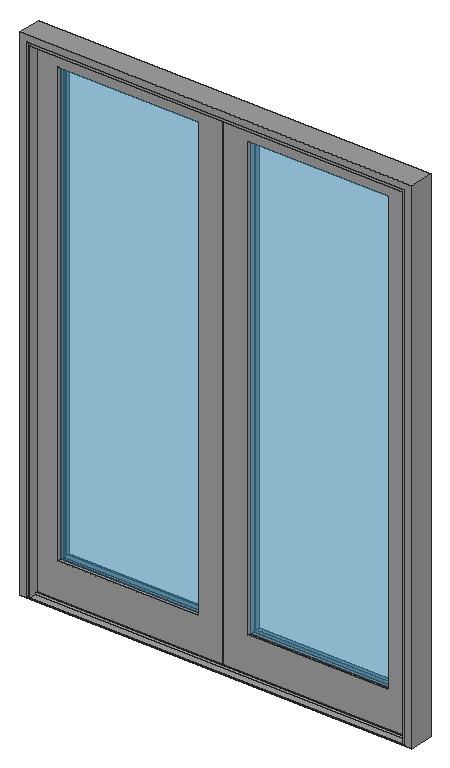
Revit family "AD-375 DOOR-Double-1.56-PD-CW_v05", category Curtain Panels, Revit 2015
Parameters
  Width [instance] = 6' - 2"
  URL = "obe.com"
  Rough Width [instance] = 6' - 2"
  Panel Width [instance] = Min Panel Width  # 6' - 0"
  Panel Offset [instance] = 0' - 0"
  Offset [instance] = 0' - 6"
  Model = "AD-375 DOOR"
  Min Rough Width [instance] = if(Rough Width > 6' 2 1/2", Rough Width, 6' 2 1/2")  # 6' - 2 1/2"
  Min Panel Width [instance] = if(Rough Width > 6' 2 1/2", Rough Width - 0' 2 1/2", 6' 0")  # 6' - 0"
  Manufacturer = "Oldcastle BuildingEnvelope®"
  Keynote = "08 11 00"
  Height [instance] = 8' - 0"
  Glass Material = Glass
  Frame Material = Aluminum
  Door Panel Height [instance] = Height - 0' 0 21/32"  # 7' - 11 11/32"
  Description = "AD-375 - 1-9/16\" Door Infill"
  Assembly Code = "B2030"
  Analytic Construction = "<None>"
  6 Bottom Rail [instance] = yes
  10 Bottom Rail [instance] = not([6 Bottom Rail])  # no
Reference planes (in)
  plane 1 "Front": y = 0
  plane 2: z = 0
  plane 3 "Center (Left/Right)": x = 0
  plane 4 "Left": x = -37
  plane 5 "Right": x = 37
  plane 6 "Top": z = 96
  plane 7 "Offset": y = -6
  plane 8: x = -37.25
  plane 9: x = 37.25
Forms (in)
  Sweep 1, solid, material "Aluminum" <- "Frame Material"
    path origin (0, -6, 0) x (-1, 0, 0) y (0, 0, 1)
      loop
        line (-37.25, 96) -> (-37.25, 0)
    profile origin (37.25, -6, 48) x (0, 1, 0) y (-1, 0, 0)
      loop
        line (0, 0) -> (0, 1.25) -> (-2.7624, 1.25) -> (-2.7624, 1.812) -> (-4.3574, 1.812) -> (-4.3574, 1.25) -> (-4.50055, 1.25) -> (-4.50055, 0) -> (0, 0)
  Sweep 2, solid, material "Aluminum" <- "Frame Material"
    path origin (0, -6, 0) x (-1, 0, 0) y (0, 0, 1)
      loop
        line (37.25, 96) -> (37.25, 0)
    profile origin (-37.25, -6, 48) x (0, 1, 0) y (-1, 0, 0)
      loop
        line (0, 0) -> (-4.50055, 0) -> (-4.50055, -1.25) -> (-4.3574, -1.25) -> (-4.3574, -1.812) -> (-2.7624, -1.812) -> (-2.7624, -1.25) -> (0, -1.25) -> (0, 0)
  Sweep 3, solid, material "Aluminum" <- "Frame Material"
    path origin (0, -6, 0) x (-1, 0, 0) y (0, 0, 1)
      loop
        line (37.25, 96) -> (-37.25, 96)
    profile origin (0, -6, 96) x (0, 0, -1) y (0, 1, 0)
      loop
        line (1.25, 0) -> (0, 0) -> (0, -4.50055) -> (1.25, -4.50055) -> (1.25, -4.3574) -> (1.812, -4.3574) -> (1.812, -2.7624) -> (1.25, -2.7624) -> (1.25, 0)
Cuts and joins
  joined: Sweep 1, Sweep 2, Sweep 3
Text (in)
  text "Exterior" at (-54.29358, 31.38743, 0), in view "Ref. Level"
  text "Exterior" at (480, 41.53993, 89.60405), in view "Right"
  text "Exterior" at (-240, 57.82419, 105.78864), in view "Left"
Dimensions and locks (in)
  equal spacing: plane 4 "Left", plane 3 "Center (Left/Right)", plane 5 "Right"
  "Width": plane 4 "Left" to plane 5 "Right"
  "Height": plane 6 "Top" to plane 2
  "Offset": plane 7 "Offset" to plane 1 "Front"
  locked: plane 7 "Offset" to nested 2 at 1.4437
  locked: plane 9 to nested 2 at 1.25
  locked: plane 7 "Offset" to nested 3 at 1.4437
  locked: nested 3 to plane 8 at 1.25
  locked: nested 4 to plane 6 "Top" at 1.25
  locked: plane 7 "Offset" to nested 4 at 1.4437
  equal spacing: plane 8, plane 3 "Center (Left/Right)", plane 9
  "Min Rough Width": plane 8 to plane 9
  locked: nested 1 to plane 7 "Offset" at 1.4437
  aligned and locked: level to plane 2
  aligned and locked: plane 3 "Center (Left/Right)" to nested 1
  aligned and locked: plane 2 to Sweep 1 sketch curve
  aligned and locked: plane 6 "Top" to Sweep 1 sketch curve
  aligned and locked: plane 2 to Sweep 2 sketch curve
  aligned and locked: plane 6 "Top" to Sweep 2 sketch curve
  aligned and locked: plane 6 "Top" to Sweep 3 sketch curve
  aligned and locked: plane 8 to Sweep 2 sketch curve
  aligned and locked: Sweep 1 sketch curve to plane 9
  aligned and locked: plane 9 to Sweep 3 sketch curve
  aligned and locked: plane 8 to Sweep 3 sketch curve
Automatic sketch dimensions
  Sweep 2 sketch curve to Sweep 2 sketch curve = 0' - 0.14315"
  Sweep 2 sketch curve to Sweep 2 sketch curve = 0' - 1.595"
  profile plane to Sweep 2 sketch curve = 0' - 1 1/4"  (x2)
  Sweep 2 sketch curve to Sweep 2 sketch curve = 0' - 2.7624"
  Sweep 2 sketch curve to Sweep 2 sketch curve = 0' - 0.562"
  Sweep 2 sketch curve to plane 7 "Offset" = 0' - 0"
  Sweep 2 sketch curve to profile plane = 0' - 0"
  Sweep 1 sketch curve to profile plane = 0' - 1.812"
  profile plane to Sweep 1 sketch curve = 0' - 0"
  Sweep 1 sketch curve to plane 7 "Offset" = 0' - 4.50055"
  Sweep 1 sketch curve to Sweep 1 sketch curve = 0' - 0.14315"
  Sweep 1 sketch curve to Sweep 1 sketch curve = 0' - 1.595"
  Sweep 1 sketch curve to profile plane = 0' - 1 1/4"  (x2)
  Sweep 1 sketch curve to Sweep 1 sketch curve = 0' - 2.7624"
  Sweep 3 sketch curve to profile plane = 0' - 1.812"
  Sweep 3 sketch curve to profile plane = 0' - 1 1/4"  (x2)
  Sweep 3 sketch curve to Sweep 3 sketch curve = 0' - 1 1/4"
  Sweep 3 sketch curve to plane 7 "Offset" = 0' - 4.50055"
  Sweep 3 sketch curve to Sweep 3 sketch curve = 0' - 0.14315"
  Sweep 3 sketch curve to Sweep 3 sketch curve = 0' - 1.595"
  Sweep 3 sketch curve to Sweep 3 sketch curve = 0' - 2.7624"
Nested families (in)
  nested 1: "AD-375 DOOR-Double-1.56-PD-Panel_v04" at (0, -17, 0), Frame Material <- "Frame Material", Glass Material <- "Glass Material", 6 Bottom Rail <- "6 Bottom Rail", Height <- "Door Panel Height", Width <- "Min Panel Width", type "AD-375 DOOR-Double-1.56-PD-Panel_v04"
    with built-in parameter 1001301 6' - 0", Offset 0' - 6", built-in parameter 1001300 7' - 11 11/32", Glass Material Glass, Frame Material Aluminum, Bottom Rail 0' - 6 19/32", 6 Bottom Rail yes, 10 Bottom Rail no
  nested 2: "EDGE FRAME L" at (38.5, -7.4437, 0) x (-1, 0, 0) z (0, 0, 1), type "EDGE FRAME L"
  nested 3: "EDGE FRAME R" at (-38.5, -7.4437, 0) x (-1, 0, 0) z (0, 0, 1), type "EDGE FRAME R"
  nested 4: "TOP FRAME" at (0, -7.4437, 97.25) x (0, -1, 0) z (1, 0, 0), type "TOP FRAME"
Definition of nested family "AD-375 DOOR-Double-1.56-PD-Panel_v04"
  Parameters (values of type "AD-375 DOOR-Double-1.56-PD-Panel_v04")
    Width [instance] = 6' - 0"
    Offset [instance] = 0' - 6"
    Height [instance] = 8' - 0"
    Glass Material [instance] = none
    Frame Material [instance] = none
    Bottom Rail [instance] = if([10 Bottom Rail], 0' 10 19/32", 0' 6 19/32")  # 0' - 6 19/32"
    Analytic Construction = "<None>"
    6 Bottom Rail [instance] = yes
    10 Bottom Rail [instance] = not([6 Bottom Rail])  # no
  Reference planes (in)
    plane 1 "00": y = 9.5563
    plane 2: z = 0
    plane 3 "Center (Left/Right)": x = 0
    plane 4: z = 96
    plane 5: x = -36
    plane 6: x = 36
    plane 7 "Center (Front/Back)": y = 17
    plane 8 "Exterior": y = 10.3378
    plane 9: z = 48
    plane 10: z = 6.59375
    plane 11: z = 92.46875
    plane 12: z = 0
    plane 13: x = -31.87499
    plane 14: x = 31.88083
    plane 15: y = 11
  Forms (in)
    Sweep 1, solid, material <- "Frame Material"
      path origin (0, 9.5563, 0) x (1, 0, 0) y (0, 0, 1)
        loop
          line (-35.9375, 96) -> (-0.10487, 96)
      profile origin (-18.02118, 9.5563, 96) x (0, 0, 1) y (0, -1, 0)
        loop
          line (-0.59375, -1.3187) -> (-0.59375, 1.3187) -> (-3.96875, 1.3187) -> (-3.96875, 0.78148) -> (-3.53125, 0.78148) -> (-3.53125, -0.78152) -> (-3.96875, -0.78152) -> (-3.96875, -1.3187) -> (-0.59375, -1.3187)
    Sweep 2, solid, material <- "Frame Material"
      path origin (0, 9.5563, 0) x (1, 0, 0) y (0, 0, 1)
        loop
          line (-0.10487, 0) -> (-35.43058, 0)
      profile origin (-17.76772, 9.5563, 0) x (0, 0, -1) y (0, -1, 0)
        loop
          line (-0.375, 1.3187) -> (-7.125, 1.3187) -> (-7.125, 0.7815) -> (-6.59375, 0.7815) -> (-6.59375, -0.7815) -> (-7.125, -0.7815) -> (-7.125, -1.3187) -> (-0.375, -1.3187) -> (-0.375, 1.3187)
    Sweep 3, solid, material <- "Frame Material"
      path origin (0, 9.5563, 0) x (1, 0, 0) y (0, 0, 1)
        loop
          line (36, 95.40625) -> (36, 0.375)
      profile origin (36, 9.5563, 47.89062) x (0, -1, 0) y (1, 0, 0)
        loop
          line (-1.3187, -4.55667) -> (-0.7815, -4.55667) -> (-0.7815, -4.11917) -> (0.7815, -4.11917) -> (0.7815, -4.55667) -> (1.31797, -4.55667) -> (1.31797, -0.0625) -> (-1.3187, -0.0625) -> (-1.3187, -4.55667)
    Sweep 4, solid, material <- "Frame Material"
      path origin (0, 9.5563, 0) x (1, 0, 0) y (0, 0, 1)
        loop
          line (-36, 95.40625) -> (-36, 0.375)
      profile origin (-36, 9.5563, 47.89062) x (0, -1, 0) y (1, 0, 0)
        loop
          line (-1.3187, 4.55484) -> (-1.3187, 0.0625) -> (1.3187, 0.0625) -> (1.3187, 4.55484) -> (0.7815, 4.55484) -> (0.7815, 4.11734) -> (-0.7815, 4.11734) -> (-0.7815, 4.55484) -> (-1.3187, 4.55484)
    Sweep 5, solid, material <- "Frame Material"
      path origin (0, 9.5563, 0) x (1, 0, 0) y (0, 0, 1)
        loop
          line (0, 95.40625) -> (0, 0.375)
      profile origin (0, 9.5563, 47.89062) x (0, -1, 0) y (1, 0, 0)
        loop
          line (-1.3187, -4.69069) -> (-0.7815, -4.69069) -> (-0.7815, -4.25319) -> (0.7815, -4.25319) -> (0.7815, -4.69069) -> (1.31797, -4.69069) -> (1.31797, -0.10487) -> (-1.3187, -0.10487) -> (-1.3187, -4.69069)
        loop
          line (1.31797, 4.6045) -> (0.7815, 4.6045) -> (0.7815, 4.167) -> (-0.7815, 4.167) -> (-0.7815, 4.6045) -> (-1.3187, 4.6045) -> (-1.3187, 0.10547) -> (1.31797, 0.10547) -> (1.31797, 4.6045)
    Sweep 6, solid, material <- "Frame Material"
      path origin (0, 9.5563, 0) x (1, 0, 0) y (0, 0, 1)
        loop
          line (0.10547, 96) -> (35.9375, 96)
      profile origin (18.02148, 9.5563, 96) x (0, 0, 1) y (0, -1, 0)
        loop
          line (-0.59375, -1.3187) -> (-0.59375, 1.3187) -> (-2.30843, 1.3187) -> (-3.96875, 1.3187) -> (-3.96875, 0.78148) -> (-3.53125, 0.78148) -> (-3.53125, -0.78152) -> (-3.96875, -0.78152) -> (-3.96875, -1.3187) -> (-2.30843, -1.3187) -> (-0.59375, -1.3187)
    Sweep 7, solid, material <- "Frame Material"
      path origin (0, 9.5563, 0) x (1, 0, 0) y (0, 0, 1)
        loop
          line (35.43241, 0) -> (0.10547, 0)
      profile origin (17.76894, 9.5563, 0) x (0, 0, -1) y (0, -1, 0)
        loop
          line (-3.49593, -1.3187) -> (-0.375, -1.3187) -> (-0.375, 1.31797) -> (-7.125, 1.31797) -> (-7.125, 0.7815) -> (-6.59375, 0.7815) -> (-6.59375, -0.7815) -> (-7.125, -0.7815) -> (-7.125, -1.3187) -> (-3.49593, -1.3187)
    Extrusion 8, solid, material <- "Glass Material", detail levels medium+fine
      sketch origin (0, 0, 0) x (1, 0, 0) y (0, 1, 0)
        loop
          line (4.167, 10.3378) -> (4.167, 10.0898) -> (31.88083, 10.0898) -> (31.88083, 10.3378) -> (4.167, 10.3378)
        loop
          line (4.167, 9.0228) -> (4.167, 8.7748) -> (31.88083, 8.7748) -> (31.88083, 9.0228) -> (4.167, 9.0228)
        loop
          line (4.167, 9.6803) -> (4.167, 9.4323) -> (31.88083, 9.4323) -> (31.88083, 9.6803) -> (4.167, 9.6803)
      from 6.59375 to 92.46875
    Extrusion 9, solid, material <- "Glass Material", detail levels coarse
      sketch origin (0, 0, 0) x (1, 0, 0) y (0, 1, 0)
        loop
          line (4.167, 10.3378) -> (4.167, 8.7748) -> (31.88083, 8.7748) -> (31.88083, 10.3378) -> (4.167, 10.3378)
      from 6.59375 to 92.46875
    Extrusion 10, solid, material <- "Glass Material", detail levels coarse
      sketch origin (0, 0, 0) x (1, 0, 0) y (0, 1, 0)
        loop
          line (-31.87499, 10.3378) -> (-31.87499, 8.7748) -> (-4.31233, 8.7748) -> (-4.25319, 8.7748) -> (-4.25319, 10.3378) -> (-31.87499, 10.3378)
      from 6.59375 to 92.46875
    Extrusion 11, solid, material <- "Glass Material", detail levels medium+fine
      sketch origin (0, 0, 0) x (1, 0, 0) y (0, 1, 0)
        loop
          line (-31.87499, 10.3378) -> (-31.87499, 10.0898) -> (-4.25319, 10.0898) -> (-4.25319, 10.3378) -> (-31.87499, 10.3378)
        loop
          line (-4.25319, 8.7748) -> (-4.25319, 9.02086) -> (-31.87499, 9.02086) -> (-31.87499, 8.7748) -> (-4.25319, 8.7748)
        loop
          line (-4.25319, 9.43278) -> (-4.25319, 9.68079) -> (-31.87499, 9.68079) -> (-31.87499, 9.43278) -> (-4.25319, 9.43278)
      from 6.59375 to 92.46875
    Sweep 12, solid, material <- "Frame Material"
      path origin (0, 9.5563, 0) x (1, 0, 0) y (0, 0, 1)
        loop
          line (35.9375, 0) -> (-35.9375, 0)
      profile origin (0, 9.5563, 0) x (0, 0, -1) y (0, -1, 0)
        loop
          line (-0.256, -0.69424) -> (-0.1262, -1.33797)
          arc (-0.1262, -1.33797) -> (-0.07849, -1.40967) -> (0, -1.44512) r 0.156
          line (0, -1.44512) -> (0, 3.05587) -> (-0.06628, 3.05587)
          arc (-0.06628, 3.05587) -> (-0.08866, 3.04747) -> (-0.09997, 3.02642) r 0.034
          line (-0.09997, 3.02642) -> (-0.256, 1.86987) -> (-0.506, 1.73387) -> (-0.506, 1.31872) -> (-0.256, 1.31872) -> (-0.256, -0.69424)
  Cuts and joins
    joined: Sweep 1, Sweep 2, Sweep 3, Sweep 4, Sweep 5, Sweep 6, Sweep 7
  Lines and regions (in)
    model lines
      curve 1: line (4.25319, 10.3378, 92.46875) -> (31.44333, 10.3378, 48)
      curve 2: line (31.44333, 10.3378, 48) -> (4.25319, 10.3378, 6.59375)
      curve 3: line (-4.25, 10.3378, 92.46875) -> (-31.43749, 10.3378, 48)
      curve 4: line (-31.43749, 10.3378, 48) -> (-4.25, 10.3378, 6.59375)
  Dimensions and locks (in)
    "Height": plane 4 to level
    "Offset": plane 15 to plane 7 "Center (Front/Back)"
    plane 1 "00" to plane 8 "Exterior" to plane 15 = 0' - 0.7815" locked, 0' - 0.6622" locked
    equal spacing: level, plane 9, plane 4
    locked: plane 3 "Center (Left/Right)" to Sweep 2 sketch curve at 0.10487
    locked: Sweep 3 sketch curve to plane 4 at 0.59375
    locked: Sweep 4 sketch curve to plane 4 at 0.59375
    plane 3 "Center (Left/Right)" to Sweep 1 sketch curve = 0' - 0.10487"
    locked: Sweep 6 sketch curve to plane 3 "Center (Left/Right)" at 0.10547
    locked: Sweep 7 sketch curve to plane 3 "Center (Left/Right)" at 0.10547
    locked: Sweep 5 sketch curve to plane 4 at 0.59375
    locked: Sweep 7 sketch curve to plane 10 at 0.53125  (x2)
    locked: Sweep 2 sketch curve to plane 10 at 0.53125  (x2)
    equal spacing: plane 4, plane 9, plane 12
    locked: plane 4 to plane 11 at 3.53125
    Extrusion 9 sketch curve to plane 1 "00" to Extrusion 9 sketch curve = 0' - 0.7815", 0' - 0.7815"
    "Bottom Rail": plane 10 to plane 12
    locked: plane 3 "Center (Left/Right)" to Extrusion 9 sketch curve at 4.167
    locked: plane 5 to plane 13 at 4.12501
    locked: plane 14 to plane 6 at 4.11917
    locked: Sweep 2 sketch curve to plane 5 at 0.56942
    locked: plane 6 to Sweep 7 sketch curve at 0.56759
    locked: plane 6 to Sweep 6 sketch curve at 0.0625
    locked: Sweep 1 sketch curve to plane 5 at 0.0625
    "Width": plane 5 to plane 6
    equal spacing: plane 5, plane 3 "Center (Left/Right)", plane 6
    locked: Sweep 12 sketch curve to plane 5 at 0.0625
    locked: plane 6 to Sweep 12 sketch curve at 0.0625
    locked: plane 12 to Sweep 3 sketch curve at 0.375
    locked: plane 12 to Sweep 5 sketch curve at 0.375
    locked: plane 12 to Sweep 4 sketch curve at 0.375
    aligned and locked: plane 2 to level
    aligned and locked: plane 3 "Center (Left/Right)" to nested 1
    aligned and locked: Sweep 1 sketch curve to plane 4
    aligned and locked: level to nested 2
    aligned and locked: nested 2 to plane 1 "00"
    aligned and locked: plane 3 "Center (Left/Right)" to Sweep 5 sketch curve
    aligned and locked: Sweep 7 sketch curve to level
    aligned and locked: plane 4 to Sweep 6 sketch curve
    aligned and locked: plane 11 to Extrusion 10
    aligned and locked: plane 11 to Extrusion 11
    aligned and locked: plane 11 to Extrusion 8
    aligned and locked: plane 11 to Extrusion 9
    aligned and locked: Sweep 6 sketch curve to plane 11
    aligned and locked: plane 10 to Sweep 2 sketch curve
    aligned and locked: Sweep 1 sketch curve to plane 11
    aligned and locked: Extrusion 8 to plane 10
    aligned and locked: Extrusion 9 to plane 10
    aligned and locked: Extrusion 11 to plane 10
    aligned and locked: Extrusion 10 to plane 10
    aligned and locked: Extrusion 10 to plane 13
    aligned and locked: plane 14 to Extrusion 9
    aligned and locked: plane 9 to curve 2
    aligned and locked: Sweep 7 sketch curve to plane 1 "00"
    aligned and locked: plane 12 to Sweep 2 sketch curve
    aligned and locked: Sweep 12 sketch curve to plane 12
    aligned and locked: plane 1 "00" to nested 1
  Automatic sketch dimensions
    Sweep 3 sketch curve to plane 6 = 0' - 0"
    Sweep 4 sketch curve to plane 5 = 0' - 0"
    Extrusion 10 sketch curve to plane 13 = 0' - 0"
    Extrusion 10 sketch curve to Extrusion 10 sketch curve = 0' - 0.05914"
    curve 4 to plane 9 = 0' - 0"
    curve 2 to plane 10 = 0' - 0"
    curve 4 to plane 10 = 0' - 0"
    curve 3 to plane 11 = 0' - 0"
    curve 1 to plane 11 = 0' - 0"
    plane 13 to curve 3 = 0' - 0 7/16"
    curve 2 to plane 14 = 0' - 0 7/16"
    Sweep 5 sketch curve to plane 1 "00" = 0' - 1.3187"
    Sweep 5 sketch curve to Sweep 5 sketch curve = 0' - 0"  (x2)
    Sweep 5 sketch curve to Sweep 5 sketch curve = 0' - 0.5372"  (x2)
    plane 1 "00" to Sweep 5 sketch curve = 0' - 0.7815"  (x2)
    Sweep 5 sketch curve to Sweep 5 sketch curve = 0' - 0.53647"
    profile plane to Sweep 5 sketch curve = 0' - 0.10487"
    Sweep 5 sketch curve to Sweep 5 sketch curve = 0' - 4.14832"
    Sweep 5 sketch curve to Sweep 5 sketch curve = 0' - 0 7/16"  (x4)
    Sweep 5 sketch curve to profile plane = 0' - 0 27/256"
    Sweep 5 sketch curve to Sweep 5 sketch curve = 0' - 4.06153"
    Sweep 3 sketch curve to plane 1 "00" = 0' - 1.3187"
    Sweep 3 sketch curve to Sweep 3 sketch curve = 0' - 0.5372"
    plane 1 "00" to Sweep 3 sketch curve = 0' - 0.7815"
    Sweep 3 sketch curve to Sweep 3 sketch curve = 0' - 0.53647"
    profile plane to Sweep 3 sketch curve = 0' - 4.55667"
    Sweep 3 sketch curve to Sweep 3 sketch curve = 0' - 0"
    Sweep 3 sketch curve to Sweep 3 sketch curve = 0' - 0 7/16"
    profile plane to Sweep 3 sketch curve = 0' - 0 1/16"
    Sweep 7 sketch curve to Sweep 7 sketch curve = 0' - 0 17/32"
    Sweep 7 sketch curve to plane 1 "00" = 0' - 1.3187"
    Sweep 7 sketch curve to Sweep 7 sketch curve = 0' - 3.09782"
    Sweep 7 sketch curve to Sweep 7 sketch curve = 0' - 0.5372"
    plane 1 "00" to Sweep 7 sketch curve = 0' - 0.7815"
    plane 1 "00" to Sweep 7 sketch curve = 0' - 1.31797"
    Sweep 2 sketch curve to Sweep 2 sketch curve = 0' - 0.5372"  (x2)
    plane 1 "00" to Sweep 2 sketch curve = 0' - 0.7815"
    Sweep 6 sketch curve to Sweep 6 sketch curve = 0' - 0 7/16"  (x2)
    Sweep 6 sketch curve to Sweep 6 sketch curve = 0' - 1.22282"  (x2)
    profile plane to Sweep 6 sketch curve = 0' - 0 19/32"
    Sweep 6 sketch curve to plane 1 "00" = 0' - 1.3187"
    Sweep 6 sketch curve to Sweep 6 sketch curve = 0' - 0.53718"
    plane 1 "00" to Sweep 6 sketch curve = 0' - 0.78148"
    plane 1 "00" to Sweep 6 sketch curve = 0' - 1.3187"
    Sweep 1 sketch curve to Sweep 1 sketch curve = 0' - 0 7/16"  (x2)
    profile plane to Sweep 1 sketch curve = 0' - 0 19/32"
    Sweep 1 sketch curve to plane 1 "00" = 0' - 1.3187"
    Sweep 1 sketch curve to Sweep 1 sketch curve = 0' - 0.53718"
    plane 1 "00" to Sweep 1 sketch curve = 0' - 0.78148"
    plane 1 "00" to Sweep 1 sketch curve = 0' - 1.3187"
    Sweep 4 sketch curve to plane 1 "00" = 0' - 1.3187"
    Sweep 4 sketch curve to Sweep 4 sketch curve = 0' - 0.5372"  (x2)
    plane 1 "00" to Sweep 4 sketch curve = 0' - 0.7815"
    Sweep 4 sketch curve to profile plane = 0' - 0 1/16"
    Sweep 4 sketch curve to Sweep 4 sketch curve = 0' - 4.05484"
    Sweep 4 sketch curve to Sweep 4 sketch curve = 0' - 0 7/16"  (x2)
    curve 4 to plane 3 "Center (Left/Right)" = 0' - 4 1/4"
    plane 8 "Exterior" to Extrusion 11 sketch curve = 0' - 0"
    Extrusion 11 sketch curve to plane 13 = 0' - 0"  (x3)
    Extrusion 11 sketch curve to plane 3 "Center (Left/Right)" = 0' - 4.25319"
    Extrusion 11 sketch curve to Extrusion 11 sketch curve = 0' - 0"  (x2)
    Extrusion 11 sketch curve to Extrusion 11 sketch curve = 0' - 0.24606"
    curve 3 to plane 3 "Center (Left/Right)" = 0' - 4 1/4"
    plane 8 "Exterior" to Extrusion 10 sketch curve = 0' - 0"
    plane 1 "00" to Extrusion 10 sketch curve = 0' - 0.7815"
    Extrusion 10 sketch curve to plane 3 "Center (Left/Right)" = 0' - 4.31233"
    Extrusion 11 sketch curve to Extrusion 11 sketch curve = 0' - 0.248"
    Extrusion 11 sketch curve to plane 1 "00" = 0' - 0.12449"
    plane 1 "00" to Extrusion 11 sketch curve = 0' - 0.12352"
    Extrusion 11 sketch curve to Extrusion 11 sketch curve = 0' - 0.41192"
    plane 8 "Exterior" to Extrusion 8 sketch curve = 0' - 0"
    Extrusion 8 sketch curve to plane 14 = 0' - 0"  (x3)
    plane 1 "00" to Extrusion 8 sketch curve = 0' - 0.124"
    plane 3 "Center (Left/Right)" to Extrusion 8 sketch curve = 0' - 4.167"
    Extrusion 8 sketch curve to Extrusion 8 sketch curve = 0' - 0"  (x2)
    Extrusion 8 sketch curve to Extrusion 8 sketch curve = 0' - 0.4095"
    Extrusion 8 sketch curve to Extrusion 8 sketch curve = 0' - 0.248"  (x2)
    Extrusion 8 sketch curve to plane 1 "00" = 0' - 0.124"
    plane 3 "Center (Left/Right)" to curve 2 = 0' - 4.25319"
    plane 3 "Center (Left/Right)" to curve 1 = 0' - 4.25319"
    profile plane to Sweep 7 sketch curve = 0' - 0 3/8"
    profile plane to Sweep 2 sketch curve = 0' - 0 3/8"
    Sweep 2 sketch curve to plane 1 "00" = 0' - 0.7815"
    profile plane to Sweep 12 sketch curve = 0' - 0.256"  (x2)
    Sweep 12 sketch curve to plane 1 "00" = 0' - 0.69424"
    profile plane to Sweep 12 sketch curve = 0' - 0.1262"
    Sweep 12 sketch curve to Sweep 12 sketch curve = 0' - 0.64374"
    plane 1 "00" to Sweep 12 sketch curve = 0' - 1.31872"
    Sweep 12 sketch curve to profile plane = 0' - 0.02248"
    Sweep 12 sketch curve to Sweep 12 sketch curve = 0' - 0.04722"
    Sweep 12 sketch curve to Sweep 12 sketch curve = 0' - 1.73715"
    Sweep 12 sketch curve to Sweep 12 sketch curve = 0' - 0 1/4"
    Sweep 12 sketch curve to Sweep 12 sketch curve = 0' - 0.41515"
    Sweep 12 sketch curve to Sweep 12 sketch curve = 0' - 0.136"
    profile plane to Sweep 12 sketch curve = 0' - 0.09997"
    Sweep 12 sketch curve to Sweep 12 sketch curve = 0' - 0.02945"
    Sweep 12 sketch curve to Sweep 12 sketch curve = 0' - 0.00455"
    Sweep 12 sketch curve to profile plane = 0' - 0"
    Extrusion 9 sketch curve to plane 14 = 0' - 0"
  Nested families (in)
    nested 1: "AD-375 DOOR-Double-1.56-PD-Plan View_v02" at (-24, 9.5563, 0), Width <- "Width", type "AD-375 DOOR-Double-1.56-PD-Plan View_v02"
      with Wing Width 3' - 0", Width 6' - 0"
    nested 2: "AD-375 DOOR-Double-1.56-PD-Section" at (0, 9.5563, 0) x (0, -1, 0) z (1, 0, 0), Height <- "Height", 6 Bottom Rail <- "6 Bottom Rail", type "AD-375 DOOR-Double-1.56-PD-Section"
      with Height 8' - 0", Bottom Rail 0' - 6 19/32", 6 Bottom Rail yes, 10 Bottom Rail no
  Definition of nested family "AD-375 DOOR-Double-1.56-PD-Plan View_v02"
    Parameters (values of type "AD-375 DOOR-Double-1.56-PD-Plan View_v02")
      Wing Width [instance] = Width / 2  # 2' - 6"
      Width [instance] = 5' - 0"
    Reference planes (in)
      plane 1 "Center (Front/Back)": y = 0
      plane 2: z = 0
      plane 3 "Center (Left/Right)": x = 24
      plane 4: x = -6
      plane 5: x = -4.25
      plane 6: x = 52.25
      plane 7: x = 54
      plane 8: x = 53.9375
      plane 9: x = -5.9375
      plane 10: y = 1.6875
      plane 11: y = 31.6875
    Lines and regions (in)
      detail lines, in view "Ref. Level", not visible
        curve 1: line (-1.59449, -0.7815, 0) -> (19.7998, -0.7815, 0)
        curve 2: line (-1.59449, 0.7815, 0) -> (19.7998, 0.7815, 0)
        curve 13: line (-1.59449, 0.5335, 0) -> (19.7998, 0.5335, 0)
        curve 14: line (-1.59449, -0.5335, 0) -> (19.7998, -0.5335, 0)
        curve 15: line (49.59349, -0.7815, 0) -> (28.25319, -0.7815, 0)
        curve 16: line (49.59349, 0.7815, 0) -> (28.25319, 0.7815, 0)
        curve 17: line (49.59349, 0.5335, 0) -> (28.25319, 0.5335, 0)
        curve 18: line (49.59349, -0.5335, 0) -> (28.25319, -0.5335, 0)
        curve 19: line (-1.59449, 0.124, 0) -> (19.7998, 0.124, 0)
        curve 20: line (-1.59449, -0.124, 0) -> (19.7998, -0.124, 0)
        curve 26: line (49.59349, 0.124, 0) -> (28.25319, 0.124, 0)
        curve 27: line (49.59349, -0.124, 0) -> (28.25319, -0.124, 0)
      detail lines, in view "Ref. Level"
        curve 3: line (-5.0315, 27.28498, 0) -> (-5.0315, 5.75001, 0)
        curve 7: line (-3.4685, 27.28498, 0) -> (-3.4685, 5.75001, 0)
        curve 28: line (53.0315, 27.37181, 0) -> (53.0315, 5.75001, 0)
        curve 32: line (51.4685, 27.37181, 0) -> (51.4685, 5.75001, 0)
        curve 43: arc (52.24968, 31.4333, 0) -> (32.2817, 22.14935, 0) -> (24.14386, 1.6875, 0) r 29.79364
        curve 44: arc (-4.24941, 31.43328, 0) -> (15.71839, 22.14926, 0) -> (23.85614, 1.6875, 0) r 29.79364
      detail lines, in view "Ref. Level", detail levels fine
        curve 4: line (-4.9695, 27.28498, 0) -> (-4.9695, 5.75001, 0)
        curve 5: line (-4.9075, 27.28498, 0) -> (-4.9075, 5.75001, 0)
        curve 6: line (-4.8455, 27.28498, 0) -> (-4.8455, 5.75001, 0)
        curve 8: line (-3.6545, 27.28498, 0) -> (-3.6545, 5.75001, 0)
        curve 9: line (-3.5925, 27.28498, 0) -> (-3.5925, 5.75001, 0)
        curve 10: line (-3.5305, 27.28498, 0) -> (-3.5305, 5.75001, 0)
        curve 22: line (-4.312, 27.28498, 0) -> (-4.312, 5.75001, 0)
        curve 23: line (-4.25, 27.28498, 0) -> (-4.25, 5.75001, 0)
        curve 24: line (-4.188, 27.28498, 0) -> (-4.188, 5.75001, 0)
        curve 29: line (52.9695, 27.37181, 0) -> (52.9695, 5.75001, 0)
        curve 30: line (52.9075, 27.37181, 0) -> (52.9075, 5.75001, 0)
        curve 31: line (52.8455, 27.37181, 0) -> (52.8455, 7.65551, 0)
        curve 33: line (51.6545, 27.37181, 0) -> (51.6545, 5.75001, 0)
        curve 34: line (51.5925, 27.37181, 0) -> (51.5925, 5.75001, 0)
        curve 35: line (51.5305, 27.37181, 0) -> (51.5305, 5.75001, 0)
        curve 39: line (52.312, 27.37181, 0) -> (52.312, 5.75001, 0)
        curve 40: line (52.25, 27.37181, 0) -> (52.25, 5.75001, 0)
        curve 41: line (52.188, 27.37181, 0) -> (52.188, 5.75001, 0)
      detail lines, in view "Ref. Level", detail levels medium+fine
        curve 11: line (-4.7835, 27.28498, 0) -> (-4.7835, 5.75001, 0)
        curve 12: line (-3.7165, 27.28498, 0) -> (-3.7165, 5.75001, 0)
        curve 21: line (-4.126, 27.28498, 0) -> (-4.126, 5.75001, 0)
        curve 25: line (-4.374, 27.28498, 0) -> (-4.374, 5.75001, 0)
        curve 36: line (52.7835, 27.37181, 0) -> (52.7835, 5.75001, 0)
        curve 37: line (51.7165, 27.37181, 0) -> (51.7165, 5.75001, 0)
        curve 38: line (52.126, 27.37181, 0) -> (52.126, 5.75001, 0)
        curve 42: line (52.374, 27.37181, 0) -> (52.374, 5.75001, 0)
    Dimensions and locks (in)
      plane 6 to plane 8 to plane 7 to nested 5 = 0' - 1 11/16" locked, 0' - 0 1/16" locked, 0' - 2.5305" locked
      nested 4 to plane 4 to plane 9 to plane 5 = 0' - 2.5305" locked, 0' - 0 1/16" locked, 0' - 1 11/16" locked
      "Width": plane 4 to plane 7
      equal spacing: plane 4, plane 3 "Center (Left/Right)", plane 7
      locked: plane 1 "Center (Front/Back)" to plane 10 at 1.6875
      locked: nested 8 to plane 1 "Center (Front/Back)" at 0.9055
      locked: nested 7 to plane 1 "Center (Front/Back)" at 0.9055
      "Wing Width": plane 10 to plane 11
      locked: nested 3 to plane 11 at 0.0625
      locked: nested 6 to plane 11 at 0.14933
      aligned and locked: plane 6 to nested 3
      aligned and locked: nested 2 to plane 3 "Center (Left/Right)"
      aligned and locked: nested 1 to plane 3 "Center (Left/Right)"
      aligned and locked: nested 6 to plane 5
      aligned and locked: plane 1 "Center (Front/Back)" to nested 4
      aligned and locked: nested 5 to plane 1 "Center (Front/Back)"
      aligned and locked: nested 7 to plane 5
      aligned and locked: plane 6 to nested 8
      aligned and locked: plane 10 to curve 44
      aligned and locked: plane 10 to curve 43
    Automatic sketch dimensions
      curve 44 to plane 9 = 0' - 0"
      curve 23 to plane 5 = 0' - 0"
      curve 40 to plane 6 = 0' - 0"
      curve 43 to plane 8 = 0' - 0"
      curve 3 to curve 23 = 0' - 0.7815"
      curve 3 to curve 4 = 0' - 0.062"
      curve 4 to curve 5 = 0' - 0.062"
      curve 5 to curve 6 = 0' - 0.062"
      curve 6 to curve 11 = 0' - 0.062"
      curve 25 to curve 23 = 0' - 0.124"
      curve 22 to curve 23 = 0' - 0.062"
      curve 44 to plane 5 = 0' - 0.00059"
      curve 24 to plane 5 = 0' - 0.062"
      curve 24 to curve 21 = 0' - 0.062"
      curve 21 to curve 12 = 0' - 0.4095"
      curve 12 to curve 8 = 0' - 0.062"
      curve 8 to curve 9 = 0' - 0.062"
      curve 9 to curve 10 = 0' - 0.062"
      curve 10 to curve 7 = 0' - 0.062"
      curve 13 to plane 1 "Center (Front/Back)" = 0' - 0.5335"
      curve 13 to plane 5 = 0' - 2.65551"
      curve 1 to curve 13 = 0' - 0"
      curve 2 to curve 13 = 0' - 0"
      curve 14 to curve 1 = 0' - 0"  (x2)
      curve 19 to plane 1 "Center (Front/Back)" = 0' - 0.124"
      curve 19 to curve 13 = 0' - 0"
      plane 1 "Center (Front/Back)" to curve 20 = 0' - 0.124"
      curve 20 to curve 19 = 0' - 0"
      curve 20 to plane 3 "Center (Left/Right)" = 0' - 4.2002"
      curve 1 to curve 20 = 0' - 0"
      curve 2 to curve 20 = 0' - 0"
      curve 13 to curve 2 = 0' - 0"
      curve 19 to curve 20 = 0' - 0"
      curve 44 to plane 3 "Center (Left/Right)" = 0' - 0.14386"
      plane 3 "Center (Left/Right)" to curve 43 = 0' - 0.14386"
      plane 1 "Center (Front/Back)" to curve 15 = 0' - 0.7815"
      plane 3 "Center (Left/Right)" to curve 15 = 0' - 4.25319"
      curve 18 to curve 15 = 0' - 0"  (x2)
      curve 16 to curve 18 = 0' - 0"
      plane 1 "Center (Front/Back)" to curve 27 = 0' - 0.124"
      curve 27 to curve 18 = 0' - 0"
      curve 26 to plane 1 "Center (Front/Back)" = 0' - 0.124"
      curve 26 to curve 27 = 0' - 0"  (x2)
      curve 17 to curve 16 = 0' - 0"  (x2)
      curve 27 to plane 6 = 0' - 2.65651"
      curve 15 to curve 27 = 0' - 0"
      curve 26 to curve 16 = 0' - 0"
      curve 32 to curve 40 = 0' - 0.7815"
      curve 32 to curve 35 = 0' - 0.062"
      curve 35 to curve 34 = 0' - 0.062"
      curve 34 to curve 33 = 0' - 0.062"
      curve 33 to curve 37 = 0' - 0.062"
      curve 38 to curve 40 = 0' - 0.124"
      curve 41 to curve 40 = 0' - 0.062"
      curve 43 to plane 6 = 0' - 0.00032"
      plane 6 to curve 39 = 0' - 0.062"
      curve 39 to curve 42 = 0' - 0.062"
      curve 42 to curve 36 = 0' - 0.4095"
      curve 36 to curve 31 = 0' - 0.062"
      curve 36 to curve 30 = 0' - 0.124"
      curve 30 to curve 29 = 0' - 0.062"
      curve 29 to curve 28 = 0' - 0.062"
      curve 13 to curve 2 = 0' - 0.248"
      curve 26 to curve 16 = 0' - 0.6575"
      curve 17 to curve 16 = 0' - 0.248"
      curve 14 to curve 20 = 0' - 0.4095"
      curve 15 to curve 18 = 0' - 0.248"
      curve 1 to curve 14 = 0' - 0.248"
      curve 12 to plane 10 = 0' - 4 1/16"
      curve 3 to curve 12 = 0' - 0"
      curve 3 to curve 11 = 0' - 0"
      curve 42 to plane 10 = 0' - 4 1/16"
      curve 12 to curve 10 = 0' - 0"
      curve 41 to curve 42 = 0' - 0"  (x2)
      curve 9 to curve 10 = 0' - 0"
      curve 41 to curve 40 = 0' - 0"  (x2)
      curve 8 to curve 9 = 0' - 0"  (x2)
      curve 40 to curve 39 = 0' - 0"  (x2)
      curve 10 to curve 7 = 0' - 0"  (x2)
      curve 38 to curve 41 = 0' - 0"  (x2)
      curve 37 to curve 38 = 0' - 0"
      curve 21 to curve 12 = 0' - 0"
      curve 42 to curve 36 = 0' - 0"
      curve 22 to curve 21 = 0' - 0"
      curve 35 to curve 37 = 0' - 0"
      curve 6 to curve 11 = 0' - 0"  (x2)
      curve 35 to curve 34 = 0' - 0"
      curve 24 to curve 21 = 0' - 0"  (x2)
      curve 34 to curve 33 = 0' - 0"  (x2)
      curve 25 to curve 22 = 0' - 0"  (x2)
      curve 32 to curve 35 = 0' - 0"  (x2)
      curve 5 to curve 6 = 0' - 0"  (x2)
      curve 36 to curve 30 = 0' - 0"
      curve 3 to curve 4 = 0' - 0"  (x2)
      curve 30 to curve 29 = 0' - 0"
      curve 29 to curve 28 = 0' - 0"  (x2)
      curve 23 to curve 24 = 0' - 0"  (x2)
      curve 30 to curve 31 = 0' - 1.9055"
      curve 42 to curve 43 = 0' - 4.06149"
      curve 42 to curve 31 = 0' - 0"
      curve 31 to curve 30 = 0' - 0"
      curve 30 to curve 28 = 0' - 0"
      curve 32 to curve 42 = 0' - 0"
      curve 32 to curve 33 = 0' - 0"
      curve 36 to curve 31 = 0' - 0"
      curve 33 to curve 37 = 0' - 0"
      curve 22 to curve 44 = 0' - 4.1483"
      curve 22 to curve 23 = 0' - 0"
      curve 23 to curve 7 = 0' - 0"
      curve 8 to curve 7 = 0' - 0"
      curve 6 to curve 25 = 0' - 0"
      curve 4 to curve 5 = 0' - 0"
      curve 12 to curve 8 = 0' - 0"
    Nested families (in)
      nested 1: "M STILE L-DI" at (24, 0, 0) x (-1, 0, 0) z (0, 0, 1), type "M STILE L-DI", in view "Ref. Level", not visible
      nested 2: "M STILE R-DI" at (24, 0, 0) x (-1, 0, 0) z (0, 0, 1), type "M STILE R-DI", in view "Ref. Level", not visible
      nested 3: "M STILE R-DI" at (52.25, 31.625, 0) x (0, 1, 0) z (0, 0, 1), type "M STILE R-DI", in view "Ref. Level"
      nested 4: "HINGE STILE PIVOT" at (-8.5305, 0, 0), type "HINGE-PD-DI", in view "Ref. Level", not visible
      nested 5: "HINGE STILE PIVOT" at (56.5305, 0, 0) x (-1, 0, 0) z (0, 0, 1), type "HINGE-PD-DI", in view "Ref. Level", not visible
      nested 6: "M STILE L-DI" at (-4.25, 31.53817, 0) x (0, -1, 0) z (0, 0, 1), type "M STILE L-DI", in view "Ref. Level"
      nested 7: "HINGE STILE PIVOT" at (-4.25, -0.9055, 0) x (0, 1, 0) z (0, 0, 1), type "HINGE-PD-DI", in view "Ref. Level"
      nested 8: "HINGE STILE PIVOT" at (52.25, -0.9055, 0) x (0, 1, 0) z (0, 0, 1), type "HINGE-PD-DI", in view "Ref. Level"
    Definition of nested family "M STILE L-DI"
      Reference planes (in)
        plane 1 "Center (Front/Back)": y = 0
        plane 2: z = 0
        plane 3 "Center (Left/Right)": x = 0
      Lines and regions (in)
        detail lines, in view "Ref. Level"
          curve 1: line (4.69073, 1.3187, 0) -> (0.29936, 1.3187, 0)
          curve 2: arc (0.29936, 1.3187, 0) -> (0.10489, 0.00059, 0) -> (0.29121, -1.3187, 0) r 4.66203
          curve 3: line (0.29121, -1.3187, 0) -> (4.69073, -1.3187, 0)
          curve 4: line (4.69073, -1.3187, 0) -> (4.69073, -0.7815, 0)
          curve 5: line (4.69073, -0.7815, 0) -> (4.25319, -0.7815, 0)
          curve 6: line (4.25319, -0.7815, 0) -> (4.25319, 0.7815, 0)
          curve 7: line (4.25319, 0.7815, 0) -> (4.69073, 0.7815, 0)
          curve 8: line (4.69073, 0.7815, 0) -> (4.69073, 1.3187, 0)
    Definition of nested family "M STILE R-DI"
      Reference planes (in)
        plane 1 "Center (Front/Back)": y = 0
        plane 2: z = 0
        plane 3 "Center (Left/Right)": x = 0
      Lines and regions (in)
        detail lines, in view "Ref. Level"
          curve 1: line (-4.69069, 1.3187, 0) -> (-0.29936, 1.3187, 0)
          curve 2: arc (-0.29936, 1.3187, 0) -> (-0.1917, 0.00032, 0) -> (-0.29121, -1.3187, 0) r 8.44611
          curve 3: line (-0.29121, -1.3187, 0) -> (-4.69069, -1.3187, 0)
          curve 4: line (-4.69069, -1.3187, 0) -> (-4.69069, -0.7815, 0)
          curve 5: line (-4.69069, -0.7815, 0) -> (-4.25319, -0.7815, 0)
          curve 6: line (-4.25319, -0.7815, 0) -> (-4.25319, 0.7815, 0)
          curve 7: line (-4.25319, 0.7815, 0) -> (-4.69069, 0.7815, 0)
          curve 8: line (-4.69069, 0.7815, 0) -> (-4.69069, 1.3187, 0)
    Definition of nested family "HINGE STILE PIVOT"
      Reference planes (in)
        plane 1 "Center (Front/Back)": y = 0
        plane 2: z = 0
        plane 3 "Center (Left/Right)": x = 0
      Lines and regions (in)
        detail lines, in view "Ref. Level"
          curve 1: line (2.91556, 1.3187, 0) -> (7.09301, 1.3187, 0)
          curve 2: line (7.09301, 1.3187, 0) -> (7.09301, 0.7815, 0)
          curve 3: line (7.09301, 0.7815, 0) -> (6.65551, 0.7815, 0)
          curve 4: line (6.65551, 0.7815, 0) -> (6.65551, -0.7815, 0)
          curve 5: line (6.65551, -0.7815, 0) -> (7.09301, -0.7815, 0)
          curve 6: line (7.09301, -0.7815, 0) -> (7.09301, -1.3187, 0)
          curve 7: line (7.09301, -1.3187, 0) -> (2.59305, -1.3187, 0)
          curve 8: line (2.59305, -1.3187, 0) -> (2.68991, 0.28882, 0)
          curve 9: arc (2.68991, 0.28882, 0) -> (2.73078, 0.37395, 0) -> (2.81952, 0.40621, 0) r 0.125
          curve 10: line (2.81952, 0.40621, 0) -> (2.81952, 1.19368, 0)
          curve 11: line (2.81952, 1.19368, 0) -> (2.82173, 1.23036, 0)
          curve 12: arc (2.82173, 1.23036, 0) -> (2.85113, 1.29314, 0) -> (2.91556, 1.3187, 0) r 0.094
  Definition of nested family "AD-375 DOOR-Double-1.56-PD-Section"
    Parameters (values of type "AD-375 DOOR-Double-1.56-Section")
      Height [instance] = 8' - 0"
      Bottom Rail [instance] = if([10 Bottom Rail], 0' 10 19/32", 0' 6 19/32")  # 0' - 10 19/32"
      6 Bottom Rail [instance] = no
      10 Bottom Rail [instance] = not([6 Bottom Rail])  # yes
    Reference planes (in)
      plane 1 "Center (Front/Back)": y = 0
      plane 2: z = 0
      plane 3 "Center (Left/Right)": x = 0
      plane 4: y = 92.46875
      plane 5: y = 96
      plane 6: y = 10.59375
    Lines and regions (in)
      detail lines, in view "Ref. Level"
        curve 1: line (-0.78152, 92.46875, 0) -> (-0.78152, 10.59375, 0)
        curve 10: line (0.78148, 92.46875, 0) -> (0.78148, 10.59375, 0)
      detail lines, in view "Ref. Level", detail levels fine
        curve 2: line (-0.71952, 92.46875, 0) -> (-0.71952, 10.59375, 0)
        curve 3: line (-0.65752, 92.46875, 0) -> (-0.65752, 10.59375, 0)
        curve 4: line (-0.59552, 92.46875, 0) -> (-0.59552, 10.59375, 0)
        curve 7: line (0.59548, 92.46875, 0) -> (0.59548, 10.59375, 0)
        curve 8: line (0.65748, 92.46875, 0) -> (0.65748, 10.59375, 0)
        curve 9: line (0.71948, 92.46875, 0) -> (0.71948, 10.59375, 0)
        curve 12: line (-0.06202, 92.46879, 0) -> (-0.06202, 10.59379, 0)
        curve 13: line (-0.00002, 92.46879, 0) -> (-0.00002, 10.59379, 0)
        curve 14: line (0.06198, 92.46879, 0) -> (0.06198, 10.59379, 0)
      detail lines, in view "Ref. Level", detail levels medium+fine
        curve 5: line (-0.53352, 92.46875, 0) -> (-0.53352, 10.59375, 0)
        curve 6: line (0.53348, 92.46875, 0) -> (0.53348, 10.59375, 0)
        curve 11: line (-0.12402, 92.46879, 0) -> (-0.12402, 10.59379, 0)
        curve 15: line (0.12398, 92.46879, 0) -> (0.12398, 10.59379, 0)
    Dimensions and locks (in)
      nested 1 to plane 5 to plane 4 = 0' - 1 29/32" locked, 0' - 3 17/32" locked
      "Height": plane 1 "Center (Front/Back)" to plane 5
      "Bottom Rail": plane 1 "Center (Front/Back)" to plane 6
      aligned and locked: plane 4 to curve 1
      aligned and locked: plane 4 to curve 2
      aligned and locked: plane 4 to curve 3
      aligned and locked: plane 4 to curve 4
      aligned and locked: plane 4 to curve 5
      aligned and locked: plane 4 to curve 6
      aligned and locked: plane 4 to curve 7
      aligned and locked: plane 4 to curve 8
      aligned and locked: plane 4 to curve 9
      aligned and locked: plane 4 to curve 10
      aligned and locked: plane 3 "Center (Left/Right)" to nested 1
      aligned and locked: plane 6 to curve 10
      aligned and locked: plane 3 "Center (Left/Right)" to nested 2
      aligned and locked: nested 3 to plane 1 "Center (Front/Back)"
      aligned and locked: plane 3 "Center (Left/Right)" to nested 3
      aligned and locked: plane 1 "Center (Front/Back)" to nested 2
    Automatic sketch dimensions
      plane 6 to curve 1 = 0' - 0"
      plane 6 to curve 2 = 0' - 0"
      plane 6 to curve 3 = 0' - 0"
      plane 6 to curve 4 = 0' - 0"
      plane 6 to curve 5 = 0' - 0"
      plane 6 to curve 6 = 0' - 0"
      plane 6 to curve 7 = 0' - 0"
      plane 6 to curve 8 = 0' - 0"
      plane 6 to curve 9 = 0' - 0"
      curve 1 to plane 3 "Center (Left/Right)" = 0' - 0.78152"
      curve 1 to curve 2 = 0' - 0.062"
      curve 2 to curve 3 = 0' - 0.062"
      curve 3 to curve 4 = 0' - 0.062"
      curve 4 to curve 5 = 0' - 0.062"
      plane 4 to curve 11 = 0' - 0.00004"
      curve 11 to plane 3 "Center (Left/Right)" = 0' - 0.12402"
      curve 12 to plane 6 = 0' - 0.00004"
      curve 11 to curve 12 = 0' - 0.062"
      curve 13 to plane 3 "Center (Left/Right)" = 0' - 0"
      curve 14 to plane 6 = 0' - 0.00004"
      plane 3 "Center (Left/Right)" to curve 14 = 0' - 0.06198"
      plane 4 to curve 15 = 0' - 0.00004"
      curve 14 to curve 15 = 0' - 0.062"
      curve 15 to curve 6 = 0' - 0.4095"
      curve 6 to curve 7 = 0' - 0.062"
      curve 7 to curve 8 = 0' - 0.062"
      curve 8 to curve 9 = 0' - 0.062"
      curve 9 to curve 10 = 0' - 0.062"
      curve 13 to plane 6 = 0' - 0.00004"
      curve 11 to plane 6 = 0' - 0.00004"
      curve 15 to plane 6 = 0' - 0.00004"
      plane 4 to curve 14 = 0' - 0.00004"
      plane 4 to curve 12 = 0' - 0.00004"
      plane 4 to curve 13 = 0' - 0.00004"
    Nested families (in)
      nested 1: "TOP RAIL HINGE" at (0, 97.90625, 0), type "TOP RAIL-DI", in view "Ref. Level"
      nested 2: "6 BOTTOM RAIL" at (0, 7.12504, 0), visible <- "6 Bottom Rail", type "8 BOTTOM RAIL", in view "Ref. Level"
      nested 3: "10 BOTTOM RAIL" at (0, 11.12508, 0), visible <- "10 Bottom Rail", type "10 BOTTOM RAIL", in view "Ref. Level"
    Definition of nested family "TOP RAIL HINGE"
      Reference planes (in)
        plane 1 "Center (Front/Back)": y = 0
        plane 2: z = 0
        plane 3 "Center (Left/Right)": x = 0
      Lines and regions (in)
        detail lines, in view "Ref. Level"
          curve 1: line (1.3187, -2.625, 0) -> (-1.3187, -2.625, 0)
          curve 2: line (-1.3187, -2.625, 0) -> (-1.3187, -5.875, 0)
          curve 3: line (-1.3187, -5.875, 0) -> (-0.78152, -5.875, 0)
          curve 4: line (-0.78152, -5.875, 0) -> (-0.78152, -5.4375, 0)
          curve 5: line (-0.78152, -5.4375, 0) -> (0.78148, -5.4375, 0)
          curve 6: line (0.78148, -5.4375, 0) -> (0.78148, -5.875, 0)
          curve 7: line (0.78148, -5.875, 0) -> (1.3187, -5.875, 0)
          curve 8: line (1.3187, -5.875, 0) -> (1.3187, -2.625, 0)
    Definition of nested family "6 BOTTOM RAIL"
      Types (2): name
        6 BOTTOM RAIL
        8 BOTTOM RAIL
      Reference planes (in)
        plane 1 "Center (Front/Back)": y = 0
        plane 2: z = 0
        plane 3 "Center (Left/Right)": x = 0
      Lines and regions (in)
        detail lines, in view "Ref. Level"
          curve 1: line (1.31872, -6.75004, 0) -> (1.31872, 0, 0)
          curve 2: line (1.31872, 0, 0) -> (0.7815, 0, 0)
          curve 3: line (0.7815, 0, 0) -> (0.7815, -0.53204, 0)
          curve 4: line (0.7815, -0.53204, 0) -> (-0.7815, -0.53204, 0)
          curve 5: line (-0.7815, -0.53204, 0) -> (-0.7815, 0, 0)
          curve 6: line (-0.7815, 0, 0) -> (-1.28838, 0, 0)
          curve 7: line (-1.28838, 0, 0) -> (-1.28838, -6.75004, 0)
          curve 8: line (-1.28838, -6.75004, 0) -> (1.31872, -6.75004, 0)
          curve 9: line (3.05587, -7.12504, 0) -> (-1.44512, -7.12504, 0)
          curve 10: arc (-1.44512, -7.12504, 0) -> (-1.40967, -7.04655, 0) -> (-1.33797, -6.99884, 0) r 0.156
          curve 11: line (-1.33797, -6.99884, 0) -> (-0.69424, -6.86904, 0)
          curve 12: line (-0.69424, -6.86904, 0) -> (1.31872, -6.86904, 0)
          curve 13: line (1.31872, -6.86904, 0) -> (1.31872, -6.61904, 0)
          curve 14: line (1.31872, -6.61904, 0) -> (1.73387, -6.61904, 0)
          curve 15: line (1.73387, -6.61904, 0) -> (1.86987, -6.86904, 0)
          curve 16: line (1.86987, -6.86904, 0) -> (3.02642, -7.02507, 0)
          curve 17: arc (3.02642, -7.02507, 0) -> (3.04747, -7.03638, 0) -> (3.05587, -7.05876, 0) r 0.034
          curve 18: line (3.05587, -7.05876, 0) -> (3.05587, -7.12504, 0)
    Definition of nested family "10 BOTTOM RAIL"
      Reference planes (in)
        plane 1 "Center (Front/Back)": y = 0
        plane 2: z = 0
        plane 3 "Center (Left/Right)": x = 0
      Lines and regions (in)
        detail lines, in view "Ref. Level"
          curve 1: line (1.3187, -10.75008, 0) -> (1.3187, 0, 0)
          curve 2: line (1.3187, 0, 0) -> (0.78148, 0, 0)
          curve 3: line (0.78148, 0, 0) -> (0.78148, -0.53204, 0)
          curve 4: line (0.78148, -0.53204, 0) -> (-0.78152, -0.53204, 0)
          curve 5: line (-0.78152, -0.53204, 0) -> (-0.78152, 0, 0)
          curve 6: line (-0.78152, 0, 0) -> (-1.2884, 0, 0)
          curve 7: line (-1.2884, 0, 0) -> (-1.2884, -10.75008, 0)
          curve 8: line (-1.2884, -10.75008, 0) -> (1.3187, -10.75008, 0)
          curve 9: line (3.05585, -11.12508, 0) -> (-1.44514, -11.12508, 0)
          curve 10: arc (-1.44514, -11.12508, 0) -> (-1.40969, -11.0466, 0) -> (-1.33799, -10.99888, 0) r 0.156
          curve 11: line (-1.33799, -10.99888, 0) -> (-0.69426, -10.86908, 0)
          curve 12: line (-0.69426, -10.86908, 0) -> (1.3187, -10.86908, 0)
          curve 13: line (1.3187, -10.86908, 0) -> (1.3187, -10.61908, 0)
          curve 14: line (1.3187, -10.61908, 0) -> (1.73385, -10.61908, 0)
          curve 15: line (1.73385, -10.61908, 0) -> (1.86985, -10.86908, 0)
          curve 16: line (1.86985, -10.86908, 0) -> (3.0264, -11.02511, 0)
          curve 17: arc (3.0264, -11.02511, 0) -> (3.04745, -11.03643, 0) -> (3.05585, -11.0588, 0) r 0.034
          curve 18: line (3.05585, -11.0588, 0) -> (3.05585, -11.12508, 0)
Definition of nested family "EDGE FRAME L"
  Reference planes (in)
    plane 1 "Center (Front/Back)": y = 0
    plane 2: z = 0
    plane 3 "Center (Left/Right)": x = 0
  Lines and regions (in)
    detail lines, in view "Ref. Level"
      curve 1: line (2.5, 1.3187, 0) -> (2.5, -1.4437, 0)
      curve 2: line (2.5, -1.4437, 0) -> (1.25, -1.4437, 0)
      curve 3: line (1.25, -1.4437, 0) -> (1.25, 3.05685, 0)
      curve 4: line (1.25, 3.05685, 0) -> (2.5, 3.05685, 0)
      curve 5: line (2.5, 3.05685, 0) -> (2.5, 2.9137, 0)
      curve 6: line (2.5, 2.9137, 0) -> (3.062, 2.9137, 0)
      curve 7: line (3.062, 2.9137, 0) -> (3.062, 1.3187, 0)
      curve 8: line (3.062, 1.3187, 0) -> (2.5, 1.3187, 0)
Definition of nested family "EDGE FRAME R"
  Reference planes (in)
    plane 1 "Center (Front/Back)": y = 0
    plane 2: z = 0
    plane 3 "Center (Left/Right)": x = 0
  Lines and regions (in)
    detail lines, in view "Ref. Level"
      curve 1: line (-2.5, 1.3187, 0) -> (-2.5, -1.4437, 0)
      curve 2: line (-2.5, -1.4437, 0) -> (-1.25, -1.4437, 0)
      curve 3: line (-1.25, -1.4437, 0) -> (-1.25, 3.05685, 0)
      curve 4: line (-1.25, 3.05685, 0) -> (-2.5, 3.05685, 0)
      curve 5: line (-2.5, 3.05685, 0) -> (-2.5, 2.9137, 0)
      curve 6: line (-2.5, 2.9137, 0) -> (-3.062, 2.9137, 0)
      curve 7: line (-3.062, 2.9137, 0) -> (-3.062, 1.3187, 0)
      curve 8: line (-3.062, 1.3187, 0) -> (-2.5, 1.3187, 0)
Definition of nested family "TOP FRAME"
  Reference planes (in)
    plane 1 "Center (Front/Back)": y = 0
    plane 2: z = 0
    plane 3 "Center (Left/Right)": x = 0
  Lines and regions (in)
    detail lines, in view "Ref. Level"
      curve 1: line (-1.4437, -2.5, 0) -> (1.3187, -2.5, 0)
      curve 2: line (1.3187, -2.5, 0) -> (1.3187, -3.062, 0)
      curve 3: line (1.3187, -3.062, 0) -> (2.9137, -3.062, 0)
      curve 4: line (2.9137, -3.062, 0) -> (2.9137, -2.5, 0)
      curve 5: line (2.9137, -2.5, 0) -> (3.05685, -2.5, 0)
      curve 6: line (3.05685, -2.5, 0) -> (3.05685, -1.25, 0)
      curve 7: line (3.05685, -1.25, 0) -> (-1.4437, -1.25, 0)
      curve 8: line (-1.4437, -1.25, 0) -> (-1.4437, -2.5, 0)
